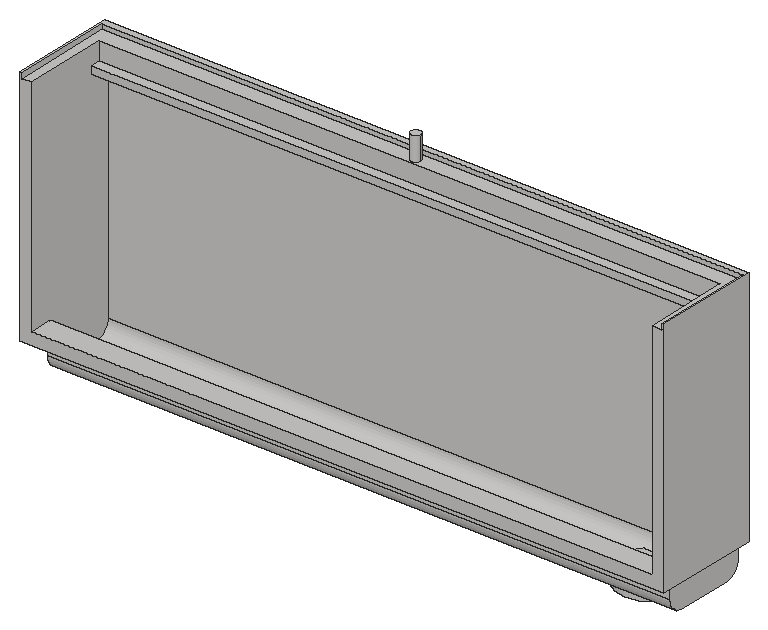
Revit family
Parameters (values of type "1830 X 300")
  Waste Connection Radius = Waste Connection Diameter / 2  # 20 mm
  Waste Connection Diameter = 40 mm
  Waste Connection = 1 = 1  # yes
  WFU = 0
  Vent Connection = 1 = 0  # no
  URL = "http://www.autospec.co.za/browse.php?id=1644179284"
  Product Code = "None"
  OmniClass Title = ""
  OmniClass Number = ""
  Modspec Classification = ""
  Specification = ""
  Location (revit room) = ""
  Material = Stainless Steel Grade 304
  Inlet Pipe Radius = Inlet Pipe Diameter / 2  # 14 mm
  Inlet Pipe Diameter = 28 mm
  Height = 780 mm
  HW Connection = 1 = 0  # no
  Description = ""
  Depth = 300 mm
  Default Elevation = 0 mm
  Colour = none
  CWFU = 0
  CW Connection = 1 = 1  # yes
  Body Finish = none
  Width = 1830 mm
  Model = "Trough Urinal KTU-1830 X 300"
  Manufacturer = "Kwikot"  # constant formula
  Assembly Code = "D2010210"
Types (8, lengths in mm): name | Waste Connection Radius | Waste Connection Diameter | Inlet Pipe Radius | Inlet Pipe Diameter | Width | Model
  (no name) | 20 | 40 | 14 | 28 | 1830 | "Trough Urinal KTU-1830 X 300"
  1830 X 300 | 20 | 40 | 14 | 28 | 1830 | "Trough Urinal KTU-1830 X 300"
  1675 X 300 | 25 | 50 | 15 | 30 | 1675 | "Trough Urinal KTU-1675 X 300"
  1525 X 300 | 25 | 50 | 15 | 30 | 1525 | "Trough Urinal KTU-1525 X 300"
  1370 X 300 | 25 | 50 | 15 | 30 | 1370 | "Trough Urinal KTU-1370 X 300"
  1220 X 300 | 25 | 50 | 15 | 30 | 1220 | "Trough Urinal KTU-1220 X 300"
  1065 X 300 | 25 | 50 | 15 | 30 | 1065 | "Trough Urinal KTU-1065 X 300"
  915 X 300 | 25 | 50 | 15 | 30 | 915 | "Trough Urinal KTU-915 X 300"
Reference planes
  plane 1 "Back": y = 0
  plane 2 "Bottom": z = 0
  plane 3 "Center (Left/Right)": x = 0
  plane 4 "Left": x = -915
  plane 5 "Right": x = 915
  plane 6 "Front": y = -300
  plane 7 "Top": z = 780
  plane 8: x = 885
  plane 9: x = -885
Forms (mm)
  Extrusion 1, solid, material "Stainless Steel Grade 304" <- "Material"
    sketch origin (-915, -491, 4000) x (0, -1, 0) y (0, 0, 1)
      loop
        line (-491, -4000) -> (-191, -4000) -> (-191, -3220) -> (-491, -3220) -> (-491, -4000)
    from 0 to -1830
  Extrusion 2, void
    sketch origin (-915, -491, 4000) x (0, 1, 0) y (0, 0, 1)
      loop
        line (251, -3905) -> (191, -3905) -> (191, -4030) -> (521, -4030) -> (521, -3960) -> (491, -3960)
        arc (491, -3960) -> (479.284, -3988.284) -> (451, -4000) r 40
        line (451, -4000) -> (291, -4000)
        arc (291, -4000) -> (262.716, -3988.284) -> (251, -3960) r 40
        line (251, -3960) -> (251, -3905)
    from 30 to 1800
  Extrusion 3, void
    sketch origin (-820.338, -300, 4000) x (1, 0, 0) y (0, 0, 1)
      loop
        line (-64.662, -4000) -> (-64.662, -3905) -> (-94.662, -3905) -> (-94.662, -4000) -> (-64.662, -4000)
      loop
        line (1705.338, -4000) -> (1735.338, -4000) -> (1735.338, -3905) -> (1705.338, -3905) -> (1705.338, -4000)
    from 0 to -300
  Extrusion 4, void
    sketch origin (-820.338, -300, 4000) x (1, 0, 0) y (0, 0, 1)
      loop
        line (-62.662, -3220) -> (-62.662, -3870) -> (1703.338, -3870) -> (1703.338, -3220) -> (-62.662, -3220)
    from 0 to -270
  Extrusion 5, void
    sketch origin (-915, -491, 4000) x (0, 1, 0) y (0, 0, 1)
      loop
        line (461, -3955) -> (461, -3870) -> (256, -3870) -> (256, -3955)
        arc (256, -3955) -> (267.716, -3983.284) -> (296, -3995) r 40
        line (296, -3995) -> (421, -3995)
        arc (421, -3995) -> (449.284, -3983.284) -> (461, -3955) r 40
    from 32 to 1798
  Extrusion 6, void
    sketch origin (-779.234, -1524, 780) x (0, -1, 0) y (-1, 0, 0)
      loop
        line (-1224, 130.766) -> (-1509, 130.766) -> (-1509, -1689.234) -> (-1224, -1689.234) -> (-1224, 130.766)
    from 0 to 15
  Extrusion 7, solid, material "Stainless Steel Grade 304" <- "Material"
    sketch origin (-915, -491, 4000) x (0, -1, 0) y (0, 0, 1)
      loop
        line (-461, -3235) -> (-461, -3305) -> (-401, -3305) -> (-401, -3285) -> (-431, -3285) -> (-431, -3235) -> (-461, -3235)
    from -32 to -1798
  Extrusion 8, solid, material "Stainless Steel Grade 304" <- "Material"
    sketch origin (0, 0, 0) x (1, 0, 0) y (0, 1, 0)
      loop
        circle (725, -110) r 90
    from 10 to -25
  Extrusion 9, solid, material "Stainless Steel Grade 304"
    sketch origin (-779.234, -1524, 780) x (-1, 0, 0) y (0, -1, 0)
      loop
        circle (-779.234, -1486.5) r 14
    from -15 to 50
  Extrusion 10, solid, material "Stainless Steel Grade 304" <- "Material"
    sketch origin (0, 0, 0) x (1, 0, 0) y (0, 1, 0)
      loop
        circle (725, -110) r 20
      loop
        circle (725, -110) r 30
    from -25 to -50
Cuts and joins
  Extrusion 2, Extrusion 3, Extrusion 4, Extrusion 5, Extrusion 6 cuts Extrusion 1
  joined: Extrusion 1, Extrusion 7, Extrusion 8, Extrusion 10
Lines and regions (mm)
  symbolic lines
    curve 1: line (-915, -300, 780) -> (915, -300, 780)
    curve 2: line (915, -300, 780) -> (915, 0, 780)
    curve 3: line (915, 0, 780) -> (-915, 0, 780)
    curve 4: line (-915, 0, 780) -> (-915, -300, 780)
    curve 5: line (910, -15, 780) -> (-910, -15, 780)
    curve 6: line (-910, -15, 780) -> (-910, -300, 780)
    curve 7: line (-883, -30, 780) -> (-883, -300, 780)
    curve 8: line (-883, -90, 780) -> (883, -90, 780)
    curve 9: line (-883, -60, 780) -> (883, -60, 780)
    curve 10: line (-883, -235, 780) -> (883, -235, 780)
    curve 11: line (883, -300, 780) -> (883, -30, 780)
    curve 12: line (883, -30, 780) -> (-883, -30, 780)
  symbolic lines, detail levels fine
    curve 13: arc (-14, -37.5, 780) -> (0, -51.5, 780) -> (14, -37.5, 780) r 14
    curve 14: arc (14, -37.5, 780) -> (0, -23.5, 780) -> (-14, -37.5, 780) r 14
    curve 15: arc (745, -110, 780) -> (725, -130, 780) -> (705, -110, 780) r 20
    curve 16: arc (705, -110, 780) -> (725, -90, 780) -> (745, -110, 780) r 20
    curve 17: arc (695, -110, 780) -> (725, -140, 780) -> (755, -110, 780) r 30
    curve 18: arc (755, -110, 780) -> (725, -80, 780) -> (695, -110, 780) r 30
Dimensions and locks
  "Height": plane 7 "Top" to plane 2 "Bottom"
  "Width": plane 4 "Left" to plane 5 "Right"
  equal spacing: plane 4 "Left", plane 3 "Center (Left/Right)", plane 5 "Right"
  "Depth": plane 1 "Back" to plane 6 "Front"
  plane 7 "Top" to Extrusion 7 = 85 mm
  locked: Extrusion 4 sketch curve to plane 5 "Right" at 32
  locked: plane 4 "Left" to Extrusion 4 sketch curve at 32
  locked: plane 4 "Left" to plane 9 at 30
  locked: plane 8 to plane 5 "Right" at 30
  cut or joined group 1 (Extrusion 1, Extrusion 2, Extrusion 3, Extrusion 4, Extrusion 5, Extrusion 6, Extrusion 7, Extrusion 8, Extrusion 10) to plane 8 = 2 mm
  Extrusion 8 sketch curve to plane 5 "Right" = 100 mm
  Extrusion 8 sketch curve to plane 1 "Back" = 110 mm
  Extrusion 9 sketch curve to plane 1 "Back" = 37.5 mm
  Extrusion 10 sketch curve to plane 5 "Right" = 190 mm
  Extrusion 10 sketch curve to plane 1 "Back" = 110 mm
  cut or joined group 1 to plane 6 "Front" = 60 mm
  radius of Extrusion 8 sketch curve = 90 mm
  "Inlet Pipe Radius": radius of Extrusion 9 sketch curve
  "Waste Connection Radius": radius of Extrusion 10 sketch curve
  radius of Extrusion 2 sketch curve = 40 mm  (x2)
  aligned and locked: plane 2 "Bottom" to level
  aligned and locked: Extrusion 1 sketch curve to level
  aligned and locked: Extrusion 1 sketch curve to plane 1 "Back"
  aligned and locked: plane 7 "Top" to Extrusion 1 sketch curve
  aligned and locked: Extrusion 1 sketch curve to plane 6 "Front"
  aligned and locked: Extrusion 3 sketch curve to cut or joined group 1  (x3)
  aligned and locked: Extrusion 3 sketch curve to plane 4 "Left"
  aligned and locked: Extrusion 3 sketch curve to plane 5 "Right"
  aligned and locked: Extrusion 3 sketch curve to plane 2 "Bottom"
  aligned and locked: Extrusion 3 sketch curve to Extrusion 3 sketch curve
  aligned and locked: plane 7 "Top" to Extrusion 4 sketch curve
  aligned and locked: Extrusion 5 sketch curve to cut or joined group 1
  aligned and locked: cut or joined group 1 to Extrusion 5 sketch curve
  aligned and locked: cut or joined group 1 to Extrusion 6 sketch curve
  aligned and locked: Extrusion 7 sketch curve to cut or joined group 1  (x2)
  aligned and locked: cut or joined group 1 to Extrusion 7  (x2)
  aligned and locked: Extrusion 1 to plane 5 "Right"
  aligned and locked: Extrusion 2 to Extrusion 3
  aligned and locked: Extrusion 2 to plane 8
  aligned and locked: Extrusion 5 to Extrusion 4
  aligned and locked: plane 3 "Center (Left/Right)" to Extrusion 9 sketch curve
  aligned and locked: cut or joined group 1 to Extrusion 9
  aligned and locked: Extrusion 10 to cut or joined group 1
  aligned and locked: curve 1 to cut or joined group 1
  aligned and locked: curve 2 to cut or joined group 1
  aligned and locked: curve 3 to cut or joined group 1
  aligned and locked: curve 4 to cut or joined group 1
  aligned and locked: curve 5 to cut or joined group 1
  aligned and locked: curve 6 to cut or joined group 1
  aligned and locked: curve 7 to cut or joined group 1
  aligned and locked: curve 8 to cut or joined group 1
  aligned and locked: curve 9 to cut or joined group 1
  aligned and locked: curve 10 to cut or joined group 1
  aligned and locked: curve 11 to cut or joined group 1
  aligned and locked: curve 13 to Extrusion 9
  aligned and locked: curve 14 to Extrusion 9
  aligned and locked: curve 15 to cut or joined group 1
  aligned and locked: curve 16 to cut or joined group 1
  aligned and locked: curve 17 to cut or joined group 1
  aligned and locked: curve 18 to cut or joined group 1
Automatic sketch dimensions
  Extrusion 2 sketch curve to plane 6 "Front" = 0 mm
  Extrusion 2 sketch curve to level = 0 mm
  Extrusion 2 sketch curve to plane 1 "Back" = 0 mm
  plane 6 "Front" to Extrusion 2 sketch curve = 60 mm
  Extrusion 2 sketch curve to Extrusion 2 sketch curve = 30 mm
  Extrusion 2 sketch curve to level = 30 mm
  plane 1 "Back" to Extrusion 5 sketch curve = 70 mm
  plane 6 "Front" to Extrusion 5 sketch curve = 105 mm
  plane 6 "Front" to Extrusion 5 sketch curve = 65 mm
  plane 1 "Back" to Extrusion 6 sketch curve = 15 mm
  plane 5 "Right" to Extrusion 6 sketch curve = 5 mm
  Extrusion 6 sketch curve to plane 4 "Left" = 5 mm
  Extrusion 7 sketch curve to Extrusion 7 sketch curve = 30 mm  (x2)
  Extrusion 7 sketch curve to Extrusion 7 sketch curve = 50 mm
  Extrusion 7 sketch curve to Extrusion 7 sketch curve = 20 mm
  Extrusion 10 sketch curve to Extrusion 10 sketch curve = 0 mm  (x2)
  Extrusion 2 sketch curve to Extrusion 2 sketch curve = 55 mm
  Extrusion 3 sketch curve to Extrusion 3 sketch curve = 95 mm
  level to Extrusion 4 sketch curve = 130 mm
  level to Extrusion 5 sketch curve = 45 mm
  curve 1 to plane 5 "Right" = 0 mm
  curve 11 to plane 6 "Front" = 0 mm
  plane 1 "Back" to curve 4 = 0 mm
  curve 4 to plane 4 "Left" = 0 mm
  plane 5 "Right" to curve 5 = 5 mm
  plane 8 to curve 12 = 2 mm
  curve 7 to plane 9 = 2 mm
  curve 6 to plane 4 "Left" = 5 mm
  plane 1 "Back" to curve 6 = 15 mm
  plane 1 "Back" to curve 11 = 30 mm
  curve 7 to curve 9 = 30 mm
  curve 9 to curve 8 = 30 mm
  plane 6 "Front" to curve 10 = 65 mm
  radius of Extrusion 10 sketch curve = 30 mm
Connectors
  piping at (725, -110, -50), driven by "Waste Connection Radius", driven by "WFU"
    settings: on cut or joined group 1, index 1, connector radius 20 mm, flow factor 0, pipe flow 0.0 L/s, pressure drop 0.0 Pa, fitting loss kfactor 0, connector angle 0.00°, fixture units 0, flow configuration 3, flow direction 2, fitting loss method 0, system type 16, connector reference index -1, connector utility 0, adjustable connector no, is connector primary no, fitting loss table "", connector description ""
  piping at (0, -37.5, 830), driven by "Inlet Pipe Radius", driven by "CWFU"
    settings: on Extrusion 9, index 2, connector radius 14 mm, flow factor 0, pipe flow 0.0 L/s, pressure drop 0.0 Pa, fitting loss kfactor 0, connector angle 0.00°, fixture units 0, flow configuration 3, flow direction 1, fitting loss method 0, system type 20, connector reference index -1, connector utility 0, adjustable connector no, is connector primary yes, fitting loss table "", connector description ""
